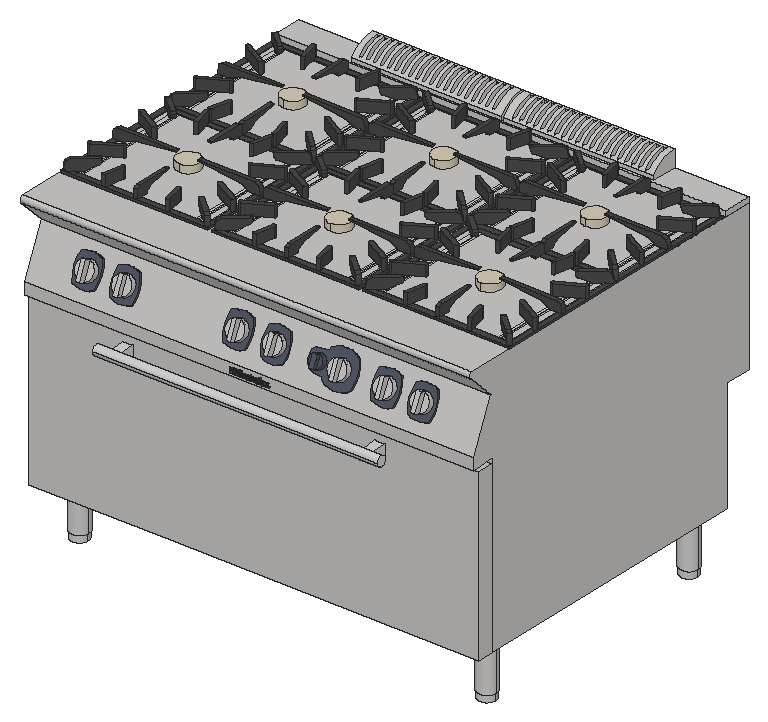
Revit family "QF_ELECTROLUXPROFESSIONAL_391581_E9AAOTBJMII", category Attrezzature speciali, Revit 2018 (continued)
Definition of nested family "371009_BURNER"
  Automatic sketch dimensions
    Extrusion 6 sketch curve to Extrusion 6 sketch curve = 16.281 mm
    Extrusion 6 sketch curve to Extrusion 6 sketch curve = 1.035 mm
    Extrusion 6 sketch curve to Extrusion 6 sketch curve = 19.417 mm
    Extrusion 6 sketch curve to Extrusion 6 sketch curve = 4.763 mm  (x2)
    Extrusion 6 sketch curve to Extrusion 6 sketch curve = 3.716 mm
    plane 10 to Extrusion 7 sketch curve = 5 mm  (x2)
    Extrusion 7 sketch curve to Extrusion 7 sketch curve = 2.692 mm  (x2)
    Extrusion 7 sketch curve to Extrusion 7 sketch curve = 10.213 mm  (x2)
    plane 10 to Extrusion 7 sketch curve = 12.281 mm
    Extrusion 7 sketch curve to Extrusion 7 sketch curve = 29.348 mm  (x2)
    Extrusion 7 sketch curve to Extrusion 7 sketch curve = 3.155 mm  (x2)
    Extrusion 7 sketch curve to Extrusion 7 sketch curve = 22.572 mm
    Extrusion 7 sketch curve to Extrusion 7 sketch curve = 8.81 mm
    Extrusion 7 sketch curve to Extrusion 7 sketch curve = 9.845 mm  (x2)
    Extrusion 7 sketch curve to Extrusion 7 sketch curve = 3.99 mm  (x2)
    Extrusion 7 sketch curve to Extrusion 7 sketch curve = 0 mm  (x2)
    Extrusion 7 sketch curve to Extrusion 7 sketch curve = 21.306 mm
    Extrusion 7 sketch curve to plane 10 = 64.377 mm  (x2)
    Extrusion 7 sketch curve to Extrusion 7 sketch curve = 326.397 mm
    Extrusion 7 sketch curve to plane 6 "TOP" = 28.141 mm
    Extrusion 7 sketch curve to Extrusion 7 sketch curve = 16.281 mm
    Extrusion 7 sketch curve to Extrusion 7 sketch curve = 1.035 mm
    Extrusion 7 sketch curve to Extrusion 7 sketch curve = 19.417 mm
    Extrusion 7 sketch curve to Extrusion 7 sketch curve = 7.281 mm
    Extrusion 7 sketch curve to Extrusion 7 sketch curve = 10.713 mm
    curve 58 to curve 12 = 72.824 mm
    curve 30 to curve 30 = 73.227 mm
    curve 58 to curve 5 = 10.263 mm
    curve 5 to curve 58 = 0 mm
    curve 59 to curve 30 = 10.263 mm
    curve 30 to curve 8 = 9.4 mm
    curve 31 to curve 32 = 0 mm
    curve 33 to curve 38 = 0 mm  (x2)
    curve 33 to curve 39 = 0 mm  (x2)
    curve 33 to curve 40 = 0 mm  (x2)
    plane 1 "BACK" to curve 41 = 0 mm
    curve 41 to plane 3 "LEFT" = 0 mm
    curve 31 to plane 7 "Center Y" = 0 mm
    curve 33 to plane 7 "Center Y" = 0 mm
    curve 41 to plane 4 "RIGHT" = 0 mm
    plane 3 "LEFT" to curve 76 = 1.326 mm
    plane 3 "LEFT" to curve 64 = 1.326 mm
    plane 3 "LEFT" to curve 44 = 2.995 mm
    plane 3 "LEFT" to curve 46 = 2.995 mm
    curve 43 to curve 43 = 2.408 mm
    curve 46 to curve 47 = 2.408 mm
    curve 47 to curve 47 = 2.408 mm
    curve 43 to curve 42 = 2.408 mm
    curve 76 to plane 5 "FRONT" = 0.514 mm
    plane 3 "LEFT" to curve 76 = 8.029 mm
    plane 1 "BACK" to curve 62 = 0.514 mm
    plane 3 "LEFT" to curve 62 = 8.029 mm
    curve 48 to curve 75 = 50.941 mm
    curve 43 to curve 63 = 50.941 mm
    curve 75 to curve 75 = 3.351 mm
    curve 63 to curve 63 = 3.351 mm
    plane 1 "BACK" to curve 62 = 52.383 mm
    curve 63 to curve 62 = 3.351 mm
    curve 74 to plane 5 "FRONT" = 52.383 mm
    curve 75 to curve 74 = 3.351 mm
    plane 3 "LEFT" to curve 46 = 65.629 mm
    plane 3 "LEFT" to curve 44 = 65.629 mm
    curve 45 to curve 45 = 2.408 mm
    curve 46 to curve 49 = 2.408 mm
    curve 49 to curve 48 = 2.408 mm
    curve 45 to curve 42 = 2.408 mm
    curve 38 to plane 8 "Center X" = 2.597 mm
    curve 38 to plane 7 "Center Y" = 51.172 mm
    curve 33 to plane 8 "Center X" = 2.597 mm
    curve 38 to curve 33 = 12.999 mm
    curve 33 to plane 7 "Center Y" = 5 mm
    curve 38 to plane 7 "Center Y" = 5 mm
    curve 31 to curve 33 = 0 mm
    plane 7 "Center Y" to curve 32 = 5 mm
    plane 7 "Center Y" to curve 40 = 5 mm
    curve 39 to curve 32 = 0 mm
    curve 39 to plane 8 "Center X" = 2.597 mm
    plane 7 "Center Y" to curve 39 = 38.172 mm
    curve 40 to plane 8 "Center X" = 2.704 mm
    curve 39 to curve 40 = 12.979 mm
    curve 50 to plane 4 "RIGHT" = 70.445 mm
    curve 57 to plane 4 "RIGHT" = 70.445 mm
    curve 50 to curve 53 = 2.408 mm
    curve 57 to curve 57 = 2.408 mm  (x2)
    curve 53 to curve 53 = 2.408 mm
    curve 71 to curve 71 = 3.351 mm
    curve 67 to curve 67 = 3.351 mm
    curve 71 to curve 69 = 3.351 mm
    curve 67 to curve 65 = 3.351 mm
    curve 60 to plane 4 "RIGHT" = 15 mm
    curve 72 to plane 5 "FRONT" = 0.514 mm
    curve 72 to plane 4 "RIGHT" = 8.029 mm
    plane 1 "BACK" to curve 68 = 0.514 mm
    curve 68 to plane 4 "RIGHT" = 8.029 mm
    curve 50 to plane 4 "RIGHT" = 7.81 mm
    curve 55 to plane 4 "RIGHT" = 7.81 mm
    curve 55 to curve 55 = 2.408 mm
    curve 50 to curve 51 = 2.408 mm
    curve 55 to plane 4 "RIGHT" = 2.995 mm
    curve 51 to plane 4 "RIGHT" = 2.995 mm
    curve 69 to plane 4 "RIGHT" = 1.326 mm
    curve 65 to plane 4 "RIGHT" = 1.326 mm
    curve 72 to plane 5 "FRONT" = 7.935 mm
    curve 60 to plane 5 "FRONT" = 20.286 mm
    curve 71 to curve 56 = 27.93 mm
    curve 73 to curve 48 = 27.93 mm
    curve 47 to curve 47 = 4.382 mm
    curve 55 to curve 55 = 4.382 mm
    curve 56 to plane 8 "Center X" = 55.651 mm
    curve 48 to plane 8 "Center X" = 55.651 mm
    curve 57 to curve 57 = 4.382 mm
    curve 49 to curve 49 = 4.382 mm
    curve 40 to plane 8 "Center X" = 44.773 mm
    curve 39 to curve 32 = 4.818 mm
    plane 8 "Center X" to curve 31 = 2.403 mm
    plane 8 "Center X" to curve 45 = 46.886 mm
    plane 8 "Center X" to curve 52 = 46.886 mm
    curve 53 to curve 53 = 4.382 mm
    curve 45 to curve 45 = 4.382 mm
    curve 53 to curve 52 = 34.416 mm
    curve 44 to curve 61 = 36.694 mm
    curve 43 to curve 43 = 4.382 mm
    curve 51 to curve 51 = 4.382 mm
    curve 51 to curve 65 = 27.93 mm
    plane 1 "BACK" to curve 83 = 20.286 mm
    plane 1 "BACK" to curve 88 = 15 mm
    plane 1 "BACK" to curve 77 = 15 mm
    curve 77 to curve 83 = 30.799 mm
    curve 78 to plane 5 "FRONT" = 15 mm
    curve 80 to curve 71 = 7.989 mm
    curve 78 to curve 60 = 30.799 mm
    curve 78 to curve 80 = 13.475 mm
    curve 55 to curve 79 = 10.979 mm
    curve 82 to curve 57 = 6.514 mm
    curve 80 to curve 78 = 0 mm
    curve 80 to curve 82 = 11.41 mm
    curve 77 to curve 66 = 37.77 mm
    curve 60 to curve 79 = 11.41 mm
    plane 8 "Center X" to curve 81 = 7.403 mm
    plane 8 "Center X" to curve 84 = 7.403 mm
    curve 82 to plane 8 "Center X" = 2.597 mm
    curve 82 to curve 84 = 0 mm
    curve 79 to plane 8 "Center X" = 2.597 mm
    curve 79 to curve 81 = 0 mm
    curve 81 to curve 51 = 10.979 mm
    curve 53 to curve 85 = 17.924 mm
    curve 84 to curve 81 = 30.799 mm
    curve 84 to curve 85 = 11.41 mm
    curve 52 to curve 84 = 19.83 mm
    curve 81 to curve 83 = 11.41 mm
    curve 67 to curve 85 = 7.989 mm
    curve 85 to curve 77 = 0 mm
    curve 85 to curve 77 = 13.475 mm
    curve 86 to curve 37 = 26.152 mm
    curve 4 to curve 86 = 10.263 mm
    curve 86 to curve 4 = 0 mm
    curve 36 to curve 21 = 26.152 mm
    curve 88 to curve 88 = 25 mm
    plane 8 "Center X" to curve 89 = 69.193 mm
    curve 43 to curve 90 = 9.597 mm
    curve 43 to curve 90 = 0.432 mm
    plane 1 "BACK" to curve 90 = 20.286 mm
    curve 93 to plane 8 "Center X" = 2.597 mm
    plane 8 "Center X" to curve 91 = 7.403 mm
    curve 95 to plane 8 "Center X" = 69.193 mm
    curve 93 to curve 94 = 28.333 mm
    curve 95 to curve 12 = 33.104 mm
    curve 21 to curve 87 = 10.263 mm
    curve 87 to curve 21 = 0 mm
    curve 91 to curve 90 = 11.41 mm
    curve 89 to curve 87 = 21.732 mm
    curve 89 to curve 92 = 11.41 mm
    curve 92 to curve 89 = 0 mm
    plane 8 "Center X" to curve 92 = 7.403 mm
    curve 91 to curve 90 = 0 mm
    curve 93 to curve 95 = 0 mm
    curve 93 to curve 95 = 11.41 mm
    curve 11 to curve 94 = 0 mm
    curve 11 to curve 94 = 11.41 mm
    curve 95 to curve 11 = 30.799 mm
    curve 95 to curve 12 = 13.475 mm
    plane 3 "LEFT" to curve 95 = 45.799 mm
    curve 95 to curve 5 = 33.104 mm
    Extrusion 8 sketch curve to Extrusion 3 = 5.275 mm  (x2)
    Extrusion 8 sketch curve to Extrusion 8 sketch curve = 1.125 mm  (x16)
    Extrusion 3 to Extrusion 8 sketch curve = 38.711 mm  (x2)
    Extrusion 8 sketch curve to Extrusion 3 = 7.19 mm  (x3)
    Extrusion 3 to Extrusion 8 sketch curve = 72.734 mm  (x2)
    Extrusion 8 sketch curve to Extrusion 8 sketch curve = 4.382 mm  (x16)
    Extrusion 8 sketch curve to Extrusion 3 = 2.995 mm  (x4)
    Extrusion 8 sketch curve to Extrusion 8 sketch curve = 34.416 mm  (x4)
    Extrusion 3 to Extrusion 8 sketch curve = 50.629 mm  (x3)
    Extrusion 8 sketch curve to Extrusion 8 sketch curve = 93.773 mm  (x2)
    Extrusion 3 to Extrusion 8 sketch curve = 40.96 mm  (x2)
    Extrusion 8 sketch curve to Extrusion 3 = 7.476 mm  (x2)
    Extrusion 8 sketch curve to Extrusion 8 sketch curve = 2.408 mm  (x4)
    Extrusion 3 to Extrusion 8 sketch curve = 91.634 mm  (x2)
    Extrusion 8 sketch curve to Extrusion 8 sketch curve = 4.872 mm  (x8)
    Extrusion 8 sketch curve to Extrusion 8 sketch curve = 11.182 mm  (x4)
    Extrusion 3 to Extrusion 8 sketch curve = 112.56 mm
    Extrusion 8 sketch curve to Extrusion 8 sketch curve = 61.931 mm
    Extrusion 3 to Extrusion 8 sketch curve = 55.445 mm
    Extrusion 8 sketch curve to Extrusion 8 sketch curve = 4.816 mm
    curve 67 to curve 85 = 19.656 mm
    curve 71 to curve 80 = 19.656 mm
    curve 99 to plane 5 "FRONT" = 7.524 mm
    curve 74 to curve 99 = 41.179 mm
    curve 98 to curve 99 = 4.872 mm
    curve 96 to plane 5 "FRONT" = 5.275 mm
    curve 99 to curve 96 = 4.872 mm
    curve 99 to curve 98 = 11.182 mm
    curve 98 to curve 97 = 4.872 mm
    curve 96 to plane 5 "FRONT" = 53.711 mm
    curve 97 to curve 96 = 4.872 mm
    curve 97 to curve 97 = 1.125 mm
    curve 103 to curve 70 = 62.105 mm
    curve 103 to curve 103 = 4.872 mm  (x2)
    curve 100 to plane 5 "FRONT" = 5.275 mm
    curve 100 to curve 100 = 11.182 mm
    curve 101 to curve 101 = 4.872 mm
    curve 102 to plane 5 "FRONT" = 7.524 mm
    curve 101 to curve 102 = 4.872 mm
    curve 100 to curve 100 = 48.436 mm
    curve 103 to curve 103 = 1.125 mm
    curve 106 to curve 67 = 62.105 mm
    curve 107 to curve 107 = 4.872 mm
    plane 1 "BACK" to curve 104 = 55.96 mm
    curve 107 to curve 104 = 4.872 mm
    plane 1 "BACK" to curve 105 = 5.275 mm
    curve 107 to curve 105 = 11.182 mm
    curve 105 to curve 105 = 4.872 mm  (x2)
    curve 107 to curve 107 = 1.125 mm
    plane 1 "BACK" to curve 104 = 7.524 mm
    plane 1 "BACK" to curve 109 = 7.524 mm
    curve 62 to curve 109 = 41.179 mm
    curve 109 to curve 109 = 4.872 mm
    plane 1 "BACK" to curve 108 = 5.275 mm
    curve 109 to curve 108 = 4.872 mm
    curve 110 to curve 111 = 11.182 mm
    curve 110 to curve 111 = 4.872 mm
    plane 1 "BACK" to curve 108 = 53.711 mm
    curve 111 to curve 108 = 4.872 mm
    curve 111 to curve 108 = 2.25 mm
    radius of Extrusion 4 sketch curve = 30 mm
Types (2, lengths in mm): name | URL | Modello | Produttore | Gas Size | Descrizione
  (no name) | "www.electrolux.com" | "391016" | "ELECTROLUX" | 0" | "900XP 6 GAS BURNERS 10kW ON LARGE GAS OVEN"
  Standard | "https://www.electroluxprofessional.com/" | "E9AAOTBJMII" | "Electrolux Professional" | 1/2" | "6-BURNER (10KW)GAS RANGE+LARGE GAS OVEN 1200MM - QMARK"
